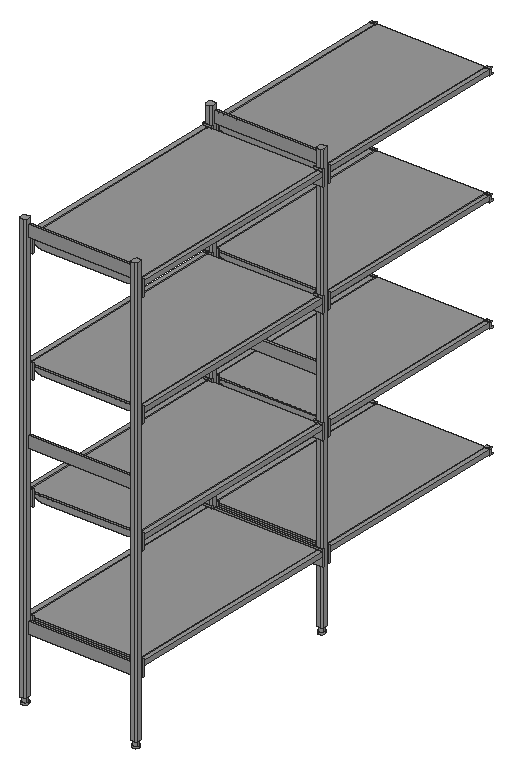
Revit family "QF_ZANUSSI_137081_CLS1752", category Attrezzature speciali, Revit 2020 (continued)
Definition of nested family "WT_Aggancio475"
  Dimensions and locks
    plane 9 "FEET" to level = 25.0 mm
    plane 5 "TOP" to plane 9 "FEET" = 1700.0 mm
    plane 10 to plane 9 "FEET" = 250.0 mm
    plane 11 to plane 10 = 450.0 mm
    plane 12 to plane 11 = 450.0 mm
    plane 13 to plane 12 = 450.0 mm
    locked: plane 3 "BACK" to plane 15 "CYBack" at 17.5
    locked: plane 16 "CYFront" to plane 4 "FRONT" at 17.5
    aligned and locked: level to plane 1
    aligned and locked: Extrusion 1 sketch curve to Extrusion 1 sketch curve  (x3)
  Automatic sketch dimensions
    plane 16 "CYFront" to Extrusion 1 sketch curve = 1.478 mm  (x4)
    Extrusion 1 sketch curve to Extrusion 1 sketch curve = 2.0 mm
    plane 8 to Extrusion 1 sketch curve = 3.478 mm  (x4)
    Extrusion 1 sketch curve to plane 10 = 4.006 mm
    Extrusion 1 sketch curve to Extrusion 1 sketch curve = 34.0 mm  (x4)
    Extrusion 1 sketch curve to plane 11 = 4.006 mm
    Extrusion 1 sketch curve to plane 12 = 4.006 mm
    Extrusion 1 sketch curve to plane 13 = 4.006 mm
    Extrusion 1 sketch curve to plane 7 = 37.522 mm  (x4)
    Extrusion 1 sketch curve to plane 7 = 3.522 mm  (x4)
    plane 14 to Extrusion 1 sketch curve = 3.516 mm  (x4)
    plane 14 to Extrusion 1 sketch curve = 1.522 mm  (x4)
    plane 10 to Extrusion 1 sketch curve = 7.998 mm  (x2)
    Extrusion 1 sketch curve to Extrusion 1 sketch curve = 11.498 mm  (x4)
    Extrusion 1 sketch curve to Extrusion 1 sketch curve = 6.499 mm  (x8)
    plane 11 to Extrusion 1 sketch curve = 7.998 mm  (x2)
    plane 12 to Extrusion 1 sketch curve = 7.998 mm  (x2)
    plane 13 to Extrusion 1 sketch curve = 7.998 mm  (x2)
    plane 2 "LEFT" to Extrusion 2 sketch curve = 0.0 mm  (x4)
    plane 13 to Extrusion 2 sketch curve = 7.996 mm
    plane 11 to Extrusion 2 sketch curve = 7.996 mm
    Extrusion 2 sketch curve to Extrusion 2 sketch curve = 5.0 mm  (x4)
    plane 11 to Extrusion 2 sketch curve = 2.494 mm
    plane 10 to Extrusion 2 sketch curve = 28.996 mm
    Extrusion 2 sketch curve to Extrusion 2 sketch curve = 3.0 mm  (x4)
    plane 10 to Extrusion 2 sketch curve = 7.996 mm
    plane 10 to Extrusion 2 sketch curve = 2.494 mm
    Extrusion 2 sketch curve to Extrusion 2 sketch curve = 18.0 mm  (x3)
    plane 12 to Extrusion 2 sketch curve = 2.494 mm
    plane 12 to Extrusion 2 sketch curve = 7.996 mm
    plane 13 to Extrusion 2 sketch curve = 2.494 mm
    plane 2 "LEFT" to Extrusion 3 sketch curve = 0.0 mm  (x4)
    plane 13 to Extrusion 3 sketch curve = 7.996 mm
    plane 11 to Extrusion 3 sketch curve = 7.996 mm
    Extrusion 3 sketch curve to Extrusion 3 sketch curve = 5.0 mm  (x4)
    plane 11 to Extrusion 3 sketch curve = 2.494 mm
    plane 10 to Extrusion 3 sketch curve = 28.996 mm
    Extrusion 3 sketch curve to Extrusion 3 sketch curve = 3.0 mm  (x4)
    plane 10 to Extrusion 3 sketch curve = 7.996 mm
    plane 10 to Extrusion 3 sketch curve = 2.494 mm
    Extrusion 3 sketch curve to Extrusion 3 sketch curve = 18.0 mm  (x3)
    plane 12 to Extrusion 3 sketch curve = 2.494 mm
    plane 12 to Extrusion 3 sketch curve = 7.996 mm
    plane 13 to Extrusion 3 sketch curve = 2.494 mm
    plane 2 "LEFT" to curve 1 = 5.0 mm
    plane 2 "LEFT" to curve 7 = 5.0 mm
    curve 1 to plane 16 "CYFront" = 17.5 mm
    curve 3 to plane 8 = 12.522 mm
    plane 7 to curve 5 = 12.478 mm
    curve 7 to plane 14 = 17.5 mm
    curve 5 to curve 5 = 4.0 mm
    curve 1 to curve 4 = 4.0 mm
    Extrusion 2 sketch curve to Extrusion 2 sketch curve = 4.0 mm  (x4)
    Extrusion 2 sketch curve to Extrusion 2 sketch curve = 8.969 mm  (x4)
    Extrusion 3 sketch curve to Extrusion 3 sketch curve = 4.0 mm  (x4)
    Extrusion 3 sketch curve to Extrusion 3 sketch curve = 8.969 mm  (x4)
